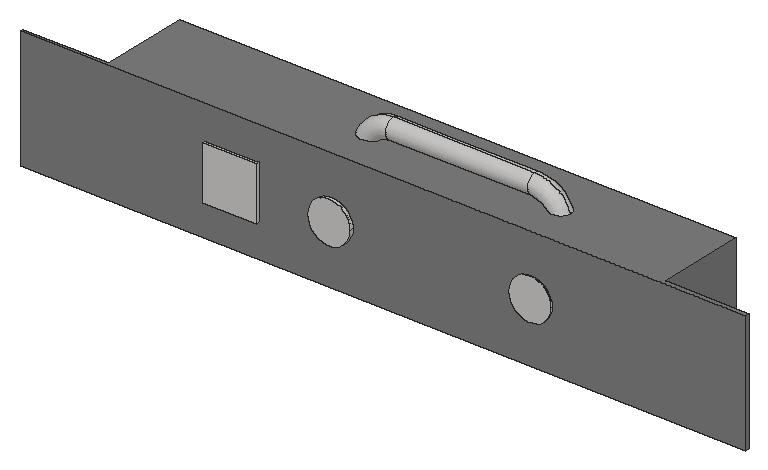
Revit family "2400RV", category Generic Models, Revit 2021
Family settings
  Can host rebar = No
  Round Connector Dimension = Use Diameter
  Part Type = Normal
  Work Plane-Based = No
  Always vertical = Yes
  Cut with Voids When Loaded = No
  Shared = No
  Room Calculation Point = No
Parameters (values of type "Standard")
  e-mail = "info@vola.com"
  URL = "http://vola.com"
  Telephone = "+45 7023 5500"
  Quality management standard = "ISO 9001"
  Organisation no. / DUNS no. = "17531328"
  Occupational health and safety management standard = "ISO 18001"
  Mounting Instructions = "http://vola.com/service/producturl.ashx?name=2400RV"
  Model = "2400RV"
  Materials and components information = "http://vola.com/service/producturl.ashx?name=2400RV"
  Manufacturer = "VOLA A/S"
  Maintenance Instructions = "http://vola.com/service/producturl.ashx?name=2400RV"
  Guarantee = "2 years"
  Flow = "22,00 l/min"
  Environmental management standard = "ISO 14000"
  Default Elevation = 0.00 mm
  Connection - All relevant connections = ""
  Approvals = "http://vola.com/service/producturl.ashx?name=2400RV"
Reference planes
  plane 1 "Center (Front/Back)": y = 0
  plane 2: z = 0
  plane 3 "Center (Left/Right)": x = 0
  plane 4: z = 69.25
  plane 5: y = -73.5
  plane 6: y = -26
Forms (mm)
  Extrusion 1, solid, material "Stainless Steel"
    sketch origin (0, -1, 0.25) x (1, 0, 0) y (0, 0, 1)
      loop
        circle (39, 69) r 16.5
    from 70.5 to 73
  Extrusion 2, solid, material "Stainless Steel"
    sketch origin (1032.5, -3.5, 0.25) x (-1, 0, 0) y (0, 0, -1)
      loop
        line (1092.5, -90) -> (1092.5, -48) -> (1050.5, -48) -> (1050.5, -90) -> (1092.5, -90)
    from 68 to 70.5
  Extrusion 3, solid, material "Default"
    sketch origin (0, -1, 0.25) x (1, 0, 0) y (0, 1, 0)
      loop
        line (-137.5, 1) -> (-137.5, -68) -> (298.5, -68) -> (298.5, 1) -> (-137.5, 1)
    from 21.5 to 116.5
  Extrusion 4, solid, material "Stainless Steel"
    sketch origin (0, -1, 21.75) x (0, 1, 0) y (1, 0, 0)
      loop
        circle (-25, -12) r 14
    from 0 to 21.75
  Extrusion 5, solid, material "Stainless Steel"
    sketch origin (-54, -1, 21.75) x (0, 1, 0) y (1, 0, 0)
      loop
        circle (-25, -12) r 14
    from 0 to 21.75
  Extrusion 6, solid, material "Stainless Steel"
    sketch origin (156, -1, 0.25) x (1, 0, 0) y (0, 0, 1)
      loop
        circle (39, 69) r 16.5
    from 70.5 to 71
  Extrusion 7, solid, material "Default"
    sketch origin (0, 0, 0) x (1, 0, 0) y (0, 1, 0)
      loop
        line (-205, -69) -> (-205, -71.5) -> (363.5, -71.5) -> (363.5, -69) -> (-205, -69)
    from 21.75 to 116.75
  Sweep 8, solid, material "Stainless Steel"
    path origin (0, -39, 138.25) x (-1, 0, 0) y (0, 0, 1)
      loop
        line (-39, -69) -> (-39, -32.81)
        arc (-39, -32.81) -> (-45.59, -16.9) -> (-61.5, -10.31) r 22.5
        line (-61.5, -10.31) -> (-172.5, -10.31)
        arc (-172.5, -10.31) -> (-188.41, -16.9) -> (-195, -32.81) r 22.5
        line (-195, -32.81) -> (-195, -69)
    profile origin (39, -39, 87.345) x (1, 0, 0) y (0, 1, 0)
      loop
        circle (0, 0) r 7.5
  Extrusion 9, void
    sketch origin (0, -1, 116.75) x (0, 1, 0) y (1, 0, 0)
      loop
        line (-55.687, 4.541) -> (-10.687, 4.541) -> (-10.687, 239.541) -> (-55.687, 239.541) -> (-55.687, 4.541)
    from 0 to 80.986
Cuts and joins
  Extrusion 9 cuts Extrusion 7
  joined: Extrusion 3, Extrusion 7
  Extrusion 9 cuts Sweep 8
Lines and regions (mm)
  reference lines
    curve 1: line (-39, -26, 69.25) -> (-39, -123.5, 69.25)
    curve 2: line (39, -26, 69.25) -> (39, -123.5, 69.25)
    curve 3: line (-66, -26, 69.25) -> (-66, -26, -29.75)
    curve 4: line (-12, -26, 69.25) -> (-12, -26, -29.75)
    curve 5: line (195, -26, 69.25) -> (195, -123.5, 69.25)
    curve 6: line (39, -39, 69.25) -> (39, -39, -29.75)
Dimensions and locks
  aligned and locked: plane 2 to level
  aligned and locked: Extrusion 3 to Extrusion 7
  aligned and locked: Extrusion 7 to Extrusion 3
